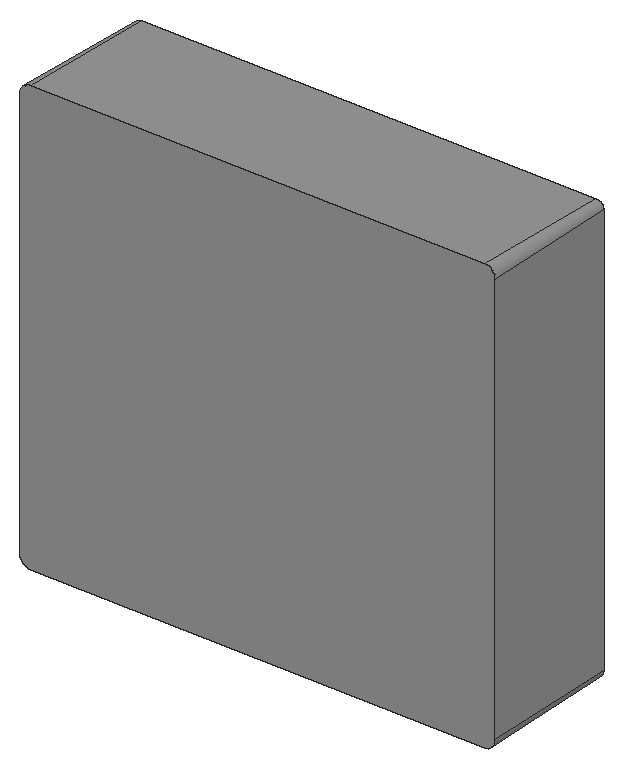
Revit family "L&L_LUCE&LIGHT_PASITO_1.2", category Lighting Fixtures, host Wall, Revit 2018
Family settings
  Host = Wall
  Round Connector Dimension = Use Diameter
  Part Type = Normal
  OmniClass Number = 23.80.00.00
  OmniClass Title = Electric Power and Lighting
  Always vertical = Yes
  Cut with Voids When Loaded = No
  Light Source = Yes
  Shared = No
  Room Calculation Point = No
Parameters (values of type "PASITO_1.2 – Asymmetrical 150°x90°")
  Wattage = 8.5 W
  WIDTH = 157.0 mm
  WEIGHT KG = 0.6
  URL IMAGE = "https://www.lucelight.it/media/prodotti/foto/pasito_1.2_still.jpg"
  URL DXF = "https://www.lucelight.it/media/prodotti/dxf/pasito_1.2.dxf\r\nhttps://www.lucelight.it/media/prodotti/dxf/pasito_1.2.dxf\r\nhttps://www.lucelight.it/media/prodotti/dxf/pasito_1.2.dxf\r\nhttps://www.lucelight.it/media/prodotti/dxf/pasito_1.2.dxf\r\nhttps://www.lucelight.it/media/prodotti/dxf/pasito_1.2.dxf"
  URL DESCRIPTION = "https://www.lucelight.it/en/capitolato.php/110306"
  URL CATALOGUE = "https://www.lucelight.it/media/prodotti/brochure/pasito_brochure_en.pdf"
  Type Comments = "surface mounted (wall)"
  Tilt Angle = 0.00°
  THICKNESS = 46.0 mm
  TECHNICAL SHEET = "https://www.lucelight.it/media/prodotti/st/ST_PASITO_12.pdf"
  Photometric Web File = "PASITO 1.2 AE 150°x90° [2700K 8.5W 24Vdc] white.IES"
  PROTECTION LEVEL = "IP 65"
  PRODUCT CODE CONFIGURATOR = "https://www.lucelight.it/en/prodotto.php/110306#a-generacodice"
  POWER SUPPLY = "230Vac, 24Vdc"
  POWER CONSUMPTION = "10W (230Vac), 8.5W (24Vdc)"
  built-in parameter 1150142 = "IESNA:LM-63-2002\r\n[TEST] PASITO 20181002-0818.LDT\r\n[TESTLAB] L&L\r\n[TESTDATE] 2 Oct 2018\r\n[ISSUEDATE] 2 Oct 2018\r\n[MANUFAC] L&L\r\n[LUMCAT] PASITO 1.2 AE 150°x90° [2700K 8.5W 24Vdc] white\r\n[LUMINAIRE] PASITO 1.2 AE 150°x90° [2700K 8.5W 24Vdc] white\r\n[FLASHAREA] 0.000015\r\n[LAMPCAT] Power LED\r\n[LAMP] Power LED\r\nTILT=NONE\r\n1 354.00 1.0 181 73 1 2 0.002 0.030 0.000\r\n1.00 1.00 8.50\r\n0.00 1.00 2.00 3.00 4.00 5.00 6.00 7.00 8.00 9.00 10.00 \r\n11.00 12.00 13.00 14.00 15.00 16.00 17.00 18.00 19.00 \r\n20.00 21.00 22.00 23.00 24.00 25.00 26.00 27.00 28.00 \r\n29.00 30.00 31.00 32.00 33.00 34.00 35.00 36.00 37.00 \r\n38.00 39.00 40.00 41.00 42.00 43.00 44.00 45.00 46.00 \r\n47.00 48.00 49.00 50.00 51.00 52.00 53.00 54.00 55.00 \r\n56.00 57.00 58.00 59.00 60.00 61.00 62.00 63.00 64.00 \r\n65.00 66.00 67.00 68.00 69.00 70.00 71.00 72.00 73.00 \r\n74.00 75.00 76.00 77.00 78.00 79.00 80.00 81.00 82.00 \r\n83.00 84.00 85.00 86.00 87.00 88.00 89.00 90.00 91.00 \r\n92.00 93.00 94.00 95.00 96.00 97.00 98.00 99.00 100.00 \r\n101.00 102.00 103.00 104.00 105.00 106.00 107.00 108.00 \r\n109.00 110.00 111.00 112.00 113.00 114.00 115.00 116.00 \r\n117.00 118.00 119.00 120.00 121.00 122.00 123.00 124.00 \r\n125.00 126.00 127.00 128.00 129.00 130.00 131.00 132.00 \r\n133.00 134.00 135.00 136.00 137.00 138.00 139.00 140.00 \r\n141.00 142.00 143.00 144.00 145.00 146.00 147.00 148.00 \r\n149.00 150.00 151.00 152.00 153.00 154.00 155.00 156.00 \r\n157.00 158.00 159.00 160.00 161.00 162.00 163.00 164.00 \r\n165.00 166.00 167.00 168.00 169.00 170.00 171.00 172.00 \r\n173.00 174.00 175.00 176.00 177.00 178.00 179.00 180.00 \r\n0.00 5.00 10.00 15.00 20.00 25.00 30.00 35.00 40.00 45.00 \r\n50.00 55.00 60.00 65.00 70.00 75.00 80.00 85.00 90.00 \r\n95.00 100.00 105.00 110.00 115.00 120.00 125.00 130.00 \r\n135.00 140.00 145.00 150.00 155.00 160.00 165.00 170.00 \r\n175.00 180.00 185.00 190.00 195.00 200.00 205.00 210.00 \r\n215.00 220.00 225.00 230.00 235.00 240.00 245.00 250.00 \r\n255.00 260.00 265.00 270.00 275.00 280.00 285.00 290.00 \r\n295.00 300.00 305.00 310.00 315.00 320.00 325.00 330.00 \r\n335.00 340.00 345.00 350.00 355.00 360.00 \r\n0.14 0.14 0.13 0.13 0.13 0.13 0.13 0.13 0.14 0.14 0.15 \r\n0.15 0.16 0.17 0.17 0.18 0.19 0.20 0.21 0.22 0.22 0.23 \r\n0.24 0.25 0.26 0.27 0.28 0.29 0.30 0.31 0.32 0.33 0.34 \r\n0.36 0.37 0.38 0.39 0.40 0.41 0.42 0.43 0.44 0.46 0.47 \r\n0.48 0.49 0.50 0.51 0.52 0.53 0.54 0.55 0.56 0.57 0.58 \r\n0.59 0.60 0.61 0.62 0.63 0.64 0.65 0.66 0.67 0.68 0.69 \r\n0.70 0.71 0.71 0.72 0.73 0.74 0.75 0.76 0.76 0.77 0.78 \r\n0.79 0.79 0.80 0.81 0.82 0.83 0.83 0.84 0.85 0.86 0.86 \r\n0.87 0.88 0.88 0.89 0.89 0.90 0.90 0.90 0.91 0.91 0.91 \r\n0.91 0.91 0.91 0.91 0.91 0.91 0.90 0.90 0.90 0.89 0.88 \r\n0.88 0.87 0.86 0.85 0.84 0.83 0.82 0.81 0.80 0.79 0.78 \r\n0.77 0.77 0.76 0.75 0.74 0.73 0.72 0.71 0.70 0.69 0.68 \r\n0.67 0.65 0.64 0.62 0.61 0.59 0.58 0.56 0.55 0.53 0.51 \r\n0.49 0.48 0.46 0.44 0.42 0.40 0.39 0.37 0.35 0.33 0.32 \r\n0.30 0.28 0.27 0.25 0.23 0.22 0.20 0.19 0.18 0.16 0.15 \r\n0.13 0.12 0.11 0.09 0.08 0.08 0.08 0.07 0.07 0.07 0.07 \r\n0.06 0.05 0.03 0.02 0.02 \r\n0.14 0.13 0.11 0.10 0.09 0.08 0.07 0.06 0.05 0.03 0.02 \r\n0.01 0.00 0.00 0.00 0.00 0.00 0.00 0.00 0.00 0.00 0.00 \r\n0.00 0.00 0.00 0.00 0.00 0.00 0.00 0.00 0.00 0.00 0.00 \r\n0.00 0.00 0.00 0.00 0.00 0.00 0.00 0.00 0.00 0.00 0.00 \r\n0.00 0.00 0.00 0.00 0.00 0.00 0.00 0.00 0.00 0.00 0.00 \r\n0.00 0.00 0.00 0.00 0.00 0.00 0.00 0.00 0.00 0.00 0.00 \r\n0.00 0.00 0.00 0.00 0.00 0.00 0.00 0.00 0.00 0.00 0.00 \r\n0.00 0.00 0.00 0.00 0.00 0.00 0.00 0.00 0.00 0.00 0.00 \r\n0.00 0.00 0.00 0.00 0.00 0.00 0.00 0.00 0.00 0.00 0.00 \r\n0.00 0.00 0.00 0.00 0.00 0.00 0.00 0.00 0.00 0.00 0.00 \r\n0.00 0.00 0.00 0.00 0.00 0.00 0.00 0.00 0.00 0.00 0.00 \r\n0.00 0.00 0.00 0.00 0.00 0.00 0.00 0.00 0.00 0.00 0.00 \r\n0.00 0.00 0.00 0.00 0.00 0.00 0.00 0.00 0.00 0.00 0.00 \r\n0.00 0.00 0.00 0.00 0.00 0.00 0.00 0.00 0.00 0.00 0.00 \r\n0.00 0.00 0.00 0.00 0.00 0.00 0.00 0.00 0.00 0.00 0.00 \r\n0.00 0.00 0.00 0.00 0.00 0.01 0.01 0.01 0.02 0.02 0.03 \r\n0.03 0.03 0.02 0.02 0.02 \r\n0.14 0.12 0.09 0.07 0.04 0.02 0.00 0.00 0.00 0.00 0.00 \r\n0.00 0.00 0.00 0.00 0.00 0.00 0.00 0.00 0.00 0.00 0.00 \r\n0.00 0.00 0.00 0.00 0.00 0.00 0.00 0.00 0.00 0.00 0.00 \r\n0.00 0.00 0.00 0.00 0.00 0.00 0.00 0.00 0.00 0.00 0.00 \r\n0.00 0.00 0.00 0.00 0.00 0.00 0.00 0.00 0.00 0.00 0.00 \r\n0.00 0.00 0.00 0.00 0.00 0.00 0.00 0.00 0.00 0.00 0.00 \r\n0.00 0.00 0.00 0.00 0.00 0.00 0.00 0.00 0.00 0.00 0.00 \r\n0.00 0.00 0.00 0.00 0.00 0.00 0.00 0.00 0.00 0.00 0.00 \r\n0.00 0.00 0.00 0.00 0.00 0.00 0.00 0.00 0.00 0.00 0.00 \r\n0.00 0.00 0.00 0.00 0.00 0.00 0.00 0.00 0.00 0.00 0.00 \r\n0.00 0.00 0.00 0.00 0.00 0.00 0.00 0.00 0.00 0.00 0.00 \r\n0.00 0.00 0.00 0.00 0.00 0.00 0.00 0.00 0.00 0.00 0.00 \r\n0.00 0.00 0.00 0.00 0.00 0.00 0.00 0.00 0.00 0.00 0.00 \r\n0.00 0.00 0.00 0.00 0.00 0.00 0.00 0.00 0.00 0.00 0.00 \r\n0.00 0.00 0.00 0.00 0.00 0.00 0.00 0.00 0.00 0.00 0.00 \r\n0.00 0.00 0.00 0.00 0.00 0.00 0.00 0.00 0.00 0.00 0.01 \r\n0.01 0.01 0.02 0.02 0.02 \r\n0.14 0.11 0.07 0.03 0.00 0.00 0.00 0.00 0.00 0.00 0.00 \r\n0.00 0.00 0.00 0.00 0.00 0.00 0.00 0.00 0.00 0.00 0.00 \r\n0.00 0.00 0.00 0.00 0.00 0.00 0.00 0.00 0.00 0.00 0.00 \r\n0.00 0.00 0.00 0.00 0.00 0.00 0.00 0.00 0.00 0.00 0.00 \r\n0.00 0.00 0.00 0.00 0.00 0.00 0.00 0.00 0.00 0.00 0.00 \r\n0.00 0.00 0.00 0.00 0.00 0.00 0.00 0.00 0.00 0.00 0.00 \r\n0.00 0.00 0.00 0.00 0.00 0.00 0.00 0.00 0.00 0.00 0.00 \r\n0.00 0.00 0.00 0.00 0.00 0.00 0.00 0.00 0.00 0.00 0.00 \r\n0.00 0.00 0.00 0.00 0.00 0.00 0.00 0.00 0.00 0.00 0.00 \r\n0.00 0.00 0.00 0.00 0.00 0.00 0.00 0.00 0.00 0.00 0.00 \r\n0.00 0.00 0.00 0.00 0.00 0.00 0.00 0.00 0.00 0.00 0.00 \r\n0.00 0.00 0.00 0.00 0.00 0.00 0.00 0.00 0.00 0.00 0.00 \r\n0.00 0.00 0.00 0.00 0.00 0.00 0.00 0.00 0.00 0.00 0.00 \r\n0.00 0.00 0.00 0.00 0.00 0.00 0.00 0.00 0.00 0.00 0.00 \r\n0.00 0.00 0.00 0.00 0.00 0.00 0.00 0.00 0.00 0.00 0.00 \r\n0.00 0.00 0.00 0.00 0.00 0.00 0.00 0.00 0.00 0.00 0.00 \r\n0.00 0.01 0.01 0.01 0.02 \r\n0.14 0.09 0.05 0.00 0.00 0.00 0.00 0.00 0.00 0.00 0.00 \r\n0.00 0.00 0.00 0.00 0.00 0.00 0.00 0.00 0.00 0.00 0.00 \r\n0.00 0.00 0.00 0.00 0.00 0.00 0.00 0.00 0.00 0.00 0.00 \r\n0.00 0.00 0.00 0.00 0.00 0.00 0.00 0.00 0.00 0.00 0.00 \r\n0.00 0.00 0.00 0.00 0.00 0.00 0.00 0.00 0.00 0.00 0.00 \r\n0.00 0.00 0.00 0.00 0.00 0.00 0.00 0.00 0.00 0.00 0.00 \r\n0.00 0.00 0.00 0.00 0.00 0.00 0.00 0.00 0.00 0.00 0.00 \r\n0.00 0.00 0.00 0.00 0.00 0.00 0.00 0.00 0.00 0.00 0.00 \r\n0.00 0.00 0.00 0.00 0.00 0.00 0.00 0.00 0.00 0.00 0.00 \r\n0.00 0.00 0.00 0.00 0.00 0.00 0.00 0.00 0.00 0.00 0.00 \r\n0.00 0.00 0.00 0.00 0.00 0.00 0.00 0.00 0.00 0.00 0.00 \r\n0.00 0.00 0.00 0.00 0.00 0.00 0.00 0.00 0.00 0.00 0.00 \r\n0.00 0.00 0.00 0.00 0.00 0.00 0.00 0.00 0.00 0.00 0.00 \r\n0.00 0.00 0.00 0.00 0.00 0.00 0.00 0.00 0.00 0.00 0.00 \r\n0.00 0.00 0.00 0.00 0.00 0.00 0.00 0.00 0.00 0.00 0.00 \r\n0.00 0.00 0.00 0.00 0.00 0.00 0.00 0.00 0.00 0.00 0.00 \r\n0.00 0.00 0.01 0.01 0.02 \r\n0.14 0.09 0.02 0.00 0.00 0.00 0.00 0.00 0.00 0.00 0.00 \r\n0.00 0.00 0.00 0.00 0.00 0.00 0.00 0.00 0.00 0.00 0.00 \r\n0.00 0.00 0.00 0.00 0.00 0.00 0.00 0.00 0.00 0.00 0.00 \r\n0.00 0.00 0.00 0.00 0.00 0.00 0.00 0.00 0.00 0.00 0.00 \r\n0.00 0.00 0.00 0.00 0.00 0.00 0.00 0.00 0.00 0.00 0.00 \r\n0.00 0.00 0.00 0.00 0.00 0.00 0.00 0.00 0.00 0.00 0.00 \r\n0.00 0.00 0.00 0.00 0.00 0.00 0.00 0.00 0.00 0.00 0.00 \r\n0.00 0.00 0.00 0.00 0.00 0.00 0.00 0.00 0.00 0.00 0.00 \r\n0.00 0.00 0.00 0.00 0.00 0.00 0.00 0.00 0.00 0.00 0.00 \r\n0.00 0.00 0.00 0.00 0.00 0.00 0.00 0.00 0.00 0.00 0.00 \r\n0.00 0.00 0.00 0.00 0.00 0.00 0.00 0.00 0.00 0.00 0.00 \r\n0.00 0.00 0.00 0.00 0.00 0.00 0.00 0.00 0.00 0.00 0.00 \r\n0.00 0.00 0.00 0.00 0.00 0.00 0.00 0.00 0.00 0.00 0.00 \r\n0.00 0.00 0.00 0.00 0.00 0.00 0.00 0.00 0.00 0.00 0.00 \r\n0.00 0.00 0.00 0.00 0.00 0.00 0.00 0.00 0.00 0.00 0.00 \r\n0.00 0.00 0.00 0.00 0.00 0.00 0.00 0.00 0.00 0.00 0.00 \r\n0.00 0.00 0.00 0.01 0.02 \r\n0.14 0.08 0.00 0.00 0.00 0.00 0.00 0.00 0.00 0.00 0.00 \r\n0.00 0.00 0.00 0.00 0.00 0.00 0.00 0.00 0.00 0.00 0.00 \r\n0.00 0.00 0.00 0.00 0.00 0.00 0.00 0.00 0.00 0.00 0.00 \r\n0.00 0.00 0.00 0.00 0.00 0.00 0.00 0.00 0.00 0.00 0.00 \r\n0.00 0.00 0.00 0.00 0.00 0.00 0.00 0.00 0.00 0.00 0.00 \r\n0.00 0.00 0.00 0.00 0.00 0.00 0.00 0.00 0.00 0.00 0.00 \r\n0.00 0.00 0.00 0.00 0.00 0.00 0.00 0.00 0.00 0.00 0.00 \r\n0.00 0.00 0.00 0.00 0.00 0.00 0.00 0.00 0.00 0.00 0.00 \r\n0.00 0.00 0.00 0.00 0.00 0.00 0.00 0.00 0.00 0.00 0.00 \r\n0.00 0.00 0.00 0.00 0.00 0.00 0.00 0.00 0.00 0.00 0.00 \r\n0.00 0.00 0.00 0.00 0.00 0.00 0.00 0.00 0.00 0.00 0.00 \r\n0.00 0.00 0.00 0.00 0.00 0.00 0.00 0.00 0.00 0.00 0.00 \r\n0.00 0.00 0.00 0.00 0.00 0.00 0.00 0.00 0.00 0.00 0.00 \r\n0.00 0.00 0.00 0.00 0.00 0.00 0.00 0.00 0.00 0.00 0.00 \r\n0.00 0.00 0.00 0.00 0.00 0.00 0.00 0.00 0.00 0.00 0.00 \r\n0.00 0.00 0.00 0.00 0.00 0.00 0.00 0.00 0.00 0.00 0.00 \r\n0.00 0.00 0.00 0.01 0.02 \r\n0.14 0.06 0.00 0.00 0.00 0.00 0.00 0.00 0.00 0.00 0.00 \r\n0.00 0.00 0.00 0.00 0.00 0.00 0.00 0.00 0.00 0.00 0.00 \r\n0.00 0.00 0.00 0.00 0.00 0.00 0.00 0.00 0.00 0.00 0.00 \r\n0.00 0.00 0.00 0.00 0.00 0.00 0.00 0.00 0.00 0.00 0.00 \r\n0.00 0.00 0.00 0.00 0.00 0.00 0.00 0.00 0.00 0.00 0.00 \r\n0.00 0.00 0.00 0.00 0.00 0.00 0.00 0.00 0.00 0.00 0.00 \r\n0.00 0.00 0.00 0.00 0.00 0.00 0.00 0.00 0.00 0.00 0.00 \r\n0.00 0.00 0.00 0.00 0.00 0.00 0.00 0.00 0.00 0.00 0.00 \r\n0.00 0.00 0.00 0.00 0.00 0.00 0.00 0.00 0.00 0.00 0.00 \r\n0.00 0.00 0.00 0.00 0.00 0.00 0.00 0.00 0.00 0.00 0.00 \r\n0.00 0.00 0.00 0.00 0.00 0.00 0.00 0.00 0.00 0.00 0.00 \r\n0.00 0.00 0.00 0.00 0.00 0.00 0.00 0.00 0.00 0.00 0.00 \r\n0.00 0.00 0.00 0.00 0.00 0.00 0.00 0.00 0.00 0.00 0.00 \r\n0.00 0.00 0.00 0.00 0.00 0.00 0.00 0.00 0.00 0.00 0.00 \r\n0.00 0.00 0.00 0.00 0.00 0.00 0.00 0.00 0.00 0.00 0.00 \r\n0.00 0.00 0.00 0.00 0.00 0.00 0.00 0.00 0.00 0.00 0.00 \r\n0.00 0.00 0.00 0.00 0.02 \r\n0.14 0.05 0.00 0.00 0.00 0.00 0.00 0.00 0.00 0.00 0.00 \r\n0.00 0.00 0.00 0.00 0.00 0.00 0.00 0.00 0.00 0.00 0.00 \r\n0.00 0.00 0.00 0.00 0.00 0.00 0.00 0.00 0.00 0.00 0.00 \r\n0.00 0.00 0.00 0.00 0.00 0.00 0.00 0.00 0.00 0.00 0.00 \r\n0.00 0.00 0.00 0.00 0.00 0.00 0.00 0.00 0.00 0.00 0.00 \r\n0.00 0.00 0.00 0.00 0.00 0.00 0.00 0.00 0.00 0.00 0.00 \r\n0.00 0.00 0.00 0.00 0.00 0.00 0.00 0.00 0.00 0.00 0.00 \r\n0.00 0.00 0.00 0.00 0.00 0.00 0.00 0.00 0.00 0.00 0.00 \r\n0.00 0.00 0.00 0.00 0.00 0.00 0.00 0.00 0.00 0.00 0.00 \r\n0.00 0.00 0.00 0.00 0.00 0.00 0.00 0.00 0.00 0.00 0.00 \r\n0.00 0.00 0.00 0.00 0.00 0.00 0.00 0.00 0.00 0.00 0.00 \r\n0.00 0.00 0.00 0.00 0.00 0.00 0.00 0.00 0.00 0.00 0.00 \r\n0.00 0.00 0.00 0.00 0.00 0.00 0.00 0.00 0.00 0.00 0.00 \r\n0.00 0.00 0.00 0.00 0.00 0.00 0.00 0.00 0.00 0.00 0.00 \r\n0.00 0.00 0.00 0.00 0.00 0.00 0.00 0.00 0.00 0.00 0.00 \r\n0.00 0.00 0.00 0.00 0.00 0.00 0.00 0.00 0.00 0.00 0.00 \r\n0.00 0.00 0.00 0.00 0.02 \r\n0.14 0.04 0.00 0.00 0.00 0.00 0.00 0.00 0.00 0.00 0.00 \r\n0.00 0.00 0.00 0.00 0.00 0.00 0.00 0.00 0.00 0.00 0.00 \r\n0.00 0.00 0.00 0.00 0.00 0.00 0.00 0.00 0.00 0.00 0.00 \r\n0.00 0.00 0.00 0.00 0.00 0.00 0.00 0.00 0.00 0.00 0.00 \r\n0.00 0.00 0.00 0.00 0.00 0.00 0.00 0.00 0.00 0.00 0.00 \r\n0.00 0.00 0.00 0.00 0.00 0.00 0.00 0.00 0.00 0.00 0.00 \r\n0.00 0.00 0.00 0.00 0.00 0.00 0.00 0.00 0.00 0.00 0.00 \r\n0.00 0.00 0.00 0.00 0.00 0.00 0.00 0.00 0.00 0.00 0.00 \r\n0.00 0.00 0.00 0.00 0.00 0.00 0.00 0.00 0.00 0.00 0.00 \r\n0.00 0.00 0.00 0.00 0.00 0.00 0.00 0.00 0.00 0.00 0.00 \r\n0.00 0.00 0.00 0.00 0.00 0.00 0.00 0.00 0.00 0.00 0.00 \r\n0.00 0.00 0.00 0.00 0.00 0.00 0.00 0.00 0.00 0.00 0.00 \r\n0.00 0.00 0.00 0.00 0.00 0.00 0.00 0.00 0.00 0.00 0.00 \r\n0.00 0.00 0.00 0.00 0.00 0.00 0.00 0.00 0.00 0.00 0.00 \r\n0.00 0.00 0.00 0.00 0.00 0.00 0.00 0.00 0.00 0.00 0.00 \r\n0.00 0.00 0.00 0.00 0.00 0.00 0.00 0.00 0.00 0.00 0.00 \r\n0.00 0.00 0.00 0.00 0.02 \r\n0.14 0.04 0.00 0.00 0.00 0.00 0.00 0.00 0.00 0.00 0.00 \r\n0.00 0.00 0.00 0.00 0.00 0.00 0.00 0.00 0.00 0.00 0.00 \r\n0.00 0.00 0.00 0.00 0.00 0.00 0.00 0.00 0.00 0.00 0.00 \r\n0.00 0.00 0.00 0.00 0.00 0.00 0.00 0.00 0.00 0.00 0.00 \r\n0.00 0.00 0.00 0.00 0.00 0.00 0.00 0.00 0.00 0.00 0.00 \r\n0.00 0.00 0.00 0.00 0.00 0.00 0.00 0.00 0.00 0.00 0.00 \r\n0.00 0.00 0.00 0.00 0.00 0.00 0.00 0.00 0.00 0.00 0.00 \r\n0.00 0.00 0.00 0.00 0.00 0.00 0.00 0.00 0.00 0.00 0.00 \r\n0.00 0.00 0.00 0.00 0.00 0.00 0.00 0.00 0.00 0.00 0.00 \r\n0.00 0.00 0.00 0.00 0.00 0.00 0.00 0.00 0.00 0.00 0.00 \r\n0.00 0.00 0.00 0.00 0.00 0.00 0.00 0.00 0.00 0.00 0.00 \r\n0.00 0.00 0.00 0.00 0.00 0.00 0.00 0.00 0.00 0.00 0.00 \r\n0.00 0.00 0.00 0.00 0.00 0.00 0.00 0.00 0.00 0.00 0.00 \r\n0.00 0.00 0.00 0.00 0.00 0.00 0.00 0.00 0.00 0.00 0.00 \r\n0.00 0.00 0.00 0.00 0.00 0.00 0.00 0.00 0.00 0.00 0.00 \r\n0.00 0.00 0.00 0.00 0.00 0.00 0.00 0.00 0.00 0.00 0.00 \r\n0.00 0.00 0.00 0.00 0.02 \r\n0.14 0.03 0.00 0.00 0.00 0.00 0.00 0.00 0.00 0.00 0.00 \r\n0.00 0.00 0.00 0.00 0.00 0.00 0.00 0.00 0.00 0.00 0.00 \r\n0.00 0.00 0.00 0.00 0.00 0.00 0.00 0.00 0.00 0.00 0.00 \r\n0.00 0.00 0.00 0.00 0.00 0.00 0.00 0.00 0.00 0.00 0.00 \r\n0.00 0.00 0.00 0.00 0.00 0.00 0.00 0.00 0.00 0.00 0.00 \r\n0.00 0.00 0.00 0.00 0.00 0.00 0.00 0.00 0.00 0.00 0.00 \r\n0.00 0.00 0.00 0.00 0.00 0.00 0.00 0.00 0.00 0.00 0.00 \r\n0.00 0.00 0.00 0.00 0.00 0.00 0.00 0.00 0.00 0.00 0.00 \r\n0.00 0.00 0.00 0.00 0.00 0.00 0.00 0.00 0.00 0.00 0.00 \r\n0.00 0.00 0.00 0.00 0.00 0.00 0.00 0.00 0.00 0.00 0.00 \r\n0.00 0.00 0.00 0.00 0.00 0.00 0.00 0.00 0.00 0.00 0.00 \r\n0.00 0.00 0.00 0.00 0.00 0.00 0.00 0.00 0.00 0.00 0.00 \r\n0.00 0.00 0.00 0.00 0.00 0.00 0.00 0.00 0.00 0.00 0.00 \r\n0.00 0.00 0.00 0.00 0.00 0.00 0.00 0.00 0.00 0.00 0.00 \r\n0.00 0.00 0.00 0.00 0.00 0.00 0.00 0.00 0.00 0.00 0.00 \r\n0.00 0.00 0.00 0.00 0.00 0.00 0.00 0.00 0.00 0.00 0.00 \r\n0.00 0.00 0.00 0.00 0.02 \r\n0.14 0.02 0.00 0.00 0.00 0.00 0.00 0.00 0.00 0.00 0.00 \r\n0.00 0.00 0.00 0.00 0.00 0.00 0.00 0.00 0.00 0.00 0.00 \r\n0.00 0.00 0.00 0.00 0.00 0.00 0.00 0.00 0.00 0.00 0.00 \r\n0.00 0.00 0.00 0.00 0.00 0.00 0.00 0.00 0.00 0.00 0.00 \r\n0.00 0.00 0.00 0.00 0.00 0.00 0.00 0.00 0.00 0.00 0.00 \r\n0.00 0.00 0.00 0.00 0.00 0.00 0.00 0.00 0.00 0.00 0.00 \r\n0.00 0.00 0.00 0.00 0.00 0.00 0.00 0.00 0.00 0.00 0.00 \r\n0.00 0.00 0.00 0.00 0.00 0.00 0.00 0.00 0.00 0.00 0.00 \r\n0.00 0.00 0.00 0.00 0.00 0.00 0.00 0.00 0.00 0.00 0.00 \r\n0.00 0.00 0.00 0.00 0.00 0.00 0.00 0.00 0.00 0.00 0.00 \r\n0.00 0.00 0.00 0.00 0.00 0.00 0.00 0.00 0.00 0.00 0.00 \r\n0.00 0.00 0.00 0.00 0.00 0.00 0.00 0.00 0.00 0.00 0.00 \r\n0.00 0.00 0.00 0.00 0.00 0.00 0.00 0.00 0.00 0.00 0.00 \r\n0.00 0.00 0.00 0.00 0.00 0.00 0.00 0.00 0.00 0.00 0.00 \r\n0.00 0.00 0.00 0.00 0.00 0.00 0.00 0.00 0.00 0.00 0.00 \r\n0.00 0.00 0.00 0.00 0.00 0.00 0.00 0.00 0.00 0.00 0.00 \r\n0.00 0.00 0.00 0.00 0.02 \r\n0.14 0.01 0.00 0.00 0.00 0.00 0.00 0.00 0.00 0.00 0.00 \r\n0.00 0.00 0.00 0.00 0.00 0.00 0.00 0.00 0.00 0.00 0.00 \r\n0.00 0.00 0.00 0.00 0.00 0.00 0.00 0.00 0.00 0.00 0.00 \r\n0.00 0.00 0.00 0.00 0.00 0.00 0.00 0.00 0.00 0.00 0.00 \r\n0.00 0.00 0.00 0.00 0.00 0.00 0.00 0.00 0.00 0.00 0.00 \r\n0.00 0.00 0.00 0.00 0.00 0.00 0.00 0.00 0.00 0.00 0.00 \r\n0.00 0.00 0.00 0.00 0.00 0.00 0.00 0.00 0.00 0.00 0.00 \r\n0.00 0.00 0.00 0.00 0.00 0.00 0.00 0.00 0.00 0.00 0.00 \r\n0.00 0.00 0.00 0.00 0.00 0.00 0.00 0.00 0.00 0.00 0.00 \r\n0.00 0.00 0.00 0.00 0.00 0.00 0.00 0.00 0.00 0.00 0.00 \r\n0.00 0.00 0.00 0.00 0.00 0.00 0.00 0.00 0.00 0.00 0.00 \r\n0.00 0.00 0.00 0.00 0.00 0.00 0.00 0.00 0.00 0.00 0.00 \r\n0.00 0.00 0.00 0.00 0.00 0.00 0.00 0.00 0.00 0.00 0.00 \r\n0.00 0.00 0.00 0.00 0.00 0.00 0.00 0.00 0.00 0.00 0.00 \r\n0.00 0.00 0.00 0.00 0.00 0.00 0.00 0.00 0.00 0.00 0.00 \r\n0.00 0.00 0.00 0.00 0.00 0.00 0.00 0.00 0.00 0.00 0.00 \r\n0.00 0.00 0.00 0.00 0.02 \r\n0.14 0.01 0.00 0.00 0.00 0.00 0.00 0.00 0.00 0.00 0.00 \r\n0.00 0.00 0.00 0.00 0.00 0.00 0.00 0.00 0.00 0.00 0.00 \r\n0.00 0.00 0.00 0.00 0.00 0.00 0.00 0.00 0.00 0.00 0.00 \r\n0.00 0.00 0.00 0.00 0.00 0.00 0.00 0.00 0.00 0.00 0.00 \r\n0.00 0.00 0.00 0.00 0.00 0.00 0.00 0.00 0.00 0.00 0.00 \r\n0.00 0.00 0.00 0.00 0.00 0.00 0.00 0.00 0.00 0.00 0.00 \r\n0.00 0.00 0.00 0.00 0.00 0.00 0.00 0.00 0.00 0.00 0.00 \r\n0.00 0.00 0.00 0.00 0.00 0.00 0.00 0.00 0.00 0.00 0.00 \r\n0.00 0.00 0.00 0.00 0.00 0.00 0.00 0.00 0.00 0.00 0.00 \r\n0.00 0.00 0.00 0.00 0.00 0.00 0.00 0.00 0.00 0.00 0.00 \r\n0.00 0.00 0.00 0.00 0.00 0.00 0.00 0.00 0.00 0.00 0.00 \r\n0.00 0.00 0.00 0.00 0.00 0.00 0.00 0.00 0.00 0.00 0.00 \r\n0.00 0.00 0.00 0.00 0.
